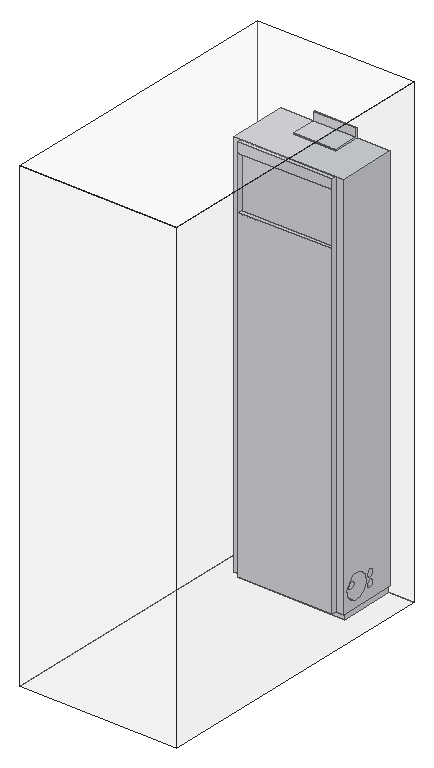
Revit family "ps-rp50_160ka19_50hz", category 機械設備, Revit 2019
Family settings
  丸型コネクタ寸法 = 直径を使用
  パーツ タイプ = 標準
  OmniClass 番号 = 23.75.10.24.21.27.27
  OmniClass タイトル = Split System Air Conditioning Units
  作業面ベース = いいえ
  常に垂直 = はい
  ロード時にボイドで切り取り = いいえ
  共有 = いいえ
  部屋計算ポイント = はい
Parameters (values of type "床置_PS-RP50KA19")
  風量_強 (㎥/min) = 14
  風量_弱 (㎥/min) = 12
  風量_中 (㎥/min) = 13
  風量 = MAX風量  # 840.0 m³/h
  音響パワーレベル_弱 (dB) = 52
  音響パワーレベル_中 (dB) = 54
  音響パワーレベル_強 (dB) = 56
  音響パワーレベル(dB) = [音響パワーレベル_強 (dB)]  # 56
  電線用ノックアウト穴Z2 = 90 mm
  電線用ノックアウト穴Z1 = 130 mm
  電線用ノックアウト穴Y = 110 mm
  電源種別 = ""
  電源_H = 0 mm
  電気品箱位置W = 22 mm
  電気品箱位置H = 641 mm
  電気品箱位置D = 170 mm
  電気品箱W = 348 mm
  電気品箱H = 151 mm
  電気品箱D = 61 mm
  電圧 = 0 V
  電動機出力_送風機 = 0.05 kW
  運転質量 = 0.00 kg
  連動 = ""
  転倒防止金具幅 = 180 mm
  質量 = if(製品質量 > 運転質量, 製品質量, 運転質量) * 1.2  # 42.00 kg
  負荷分類 = 3_ファン類
  構成品番 = "PS-RP50KA19"
  吊り位置y_3 = 175 mm
  吊り位置X_3 = 80 mm
  冷媒，ドレン配管用ノックアウト穴正面-Z = 105 mm
  冷媒，ドレン配管用ノックアウト穴正面-X2 = 20 mm
  ドレン管径 (外径) = 26 mm
  【値が 0 の項目は組合せ形名にてご確認ください】 = ""
  MIN風量 = [風量_弱 (㎥/min)] * 60.0 m³/h  # 720.0 m³/h
  MID風量 = [風量_中 (㎥/min)] * 60.0 m³/h  # 780.0 m³/h
  MAX風量 = [風量_強 (㎥/min)] * 60.0 m³/h  # 840.0 m³/h
  吸込口高さ = 585 mm
  吸込口幅 = 405 mm
  吊り位置Y_1 = 55 mm
  吊り位置Y_2 = 145 mm
  吊り位置X_2 = 280 mm
  吊り位置X_1 = 200 mm
  冷媒，ドレン配管用ノックアウト穴側面-Z = 110 mm
  冷媒，ドレン配管用ノックアウト穴側面-Y = 180 mm
  冷媒，ドレン配管用ノックアウト穴正面-X1 = 75 mm
  冷媒液管位置-Z = 550 mm
  冷媒液管位置-Y = 201 mm
  冷媒液管位置-X = 45 mm
  冷媒ガス管位置-Z = 402 mm
  冷媒ガス管位置-Y = 186 mm
  冷媒ガス管位置-X = 78 mm
  吹出口高さ = 230 mm
  吹出口幅 = 400 mm
  ドレン管径-Y = 210 mm
  ドレン管径-X = 25 mm
  ケーブルサイズ = 0 mm
  Width = 470 mm
  URL = "https://www.mitsubishielectric.co.jp/ldg/wink/ssl/top.do"
  Height = 1700 mm
  説明 = "店舗・事務所用パッケージエアコン(Mr.SLIM) 床置形"
  設計暖房能力 = 0.00 kW
  設計冷房能力_顕熱 = 0 kW
  設計冷房能力 = 0 kW
  設置方法 = "床置形"
  記号 = ""
  製造元 = "三菱電機株式会社"
  製品質量 = 35.00 kg
  製品出荷対象 = "国内"
  製品リリース年月 = ""
  製品グループ = ""
  系統 = ""
  符号 = "PAC_FRV"
  積算_科目 = "1 空気調和設備"
  積算_拾い区分 [instance] = ""
  相 = 1
  盤記号 = ""
  発停方法 = "付属スイッチ"
  特殊仕様 = ""
  火災停止 = ""
  消費電力_暖房 = 0.08 kW
  消費電力_冷房 = 0.09 kW
  消費電力 = if(消費電力_冷房 > 消費電力_暖房, 消費電力_冷房, 消費電力_暖房)  # 0.09 kW
  法定耐用年数 = "6"
  極数 = 1
  材質 = ""
  本体マテリアル = none
  有効加湿量 = 0
  暖房能力 = 5.00 kW
  推奨ブレーカー容量 = 0 A
  形式_加湿器 = ""
  形式 = "床置（露出）立形"
  幹線記号 = ""
  始動方式 = "直入"
  呼称 = "室内機_床置（露出）立形（直吹）"
  周波数 = 50 Hz
  台数_手元リモコン = ""
  台数_冷媒分岐ユニット = ""
  参照している仕様書等のバージョン = "公共建築工事標準仕様書（機械設備工事編）平成31年度版"
  加湿給水管径 = 0.00 mm
  分類コード = "5.0053E+13"
  分類グループ = ""
  冷房能力 = 4.5 kW
  冷媒高低圧ガス管径 = 0.00 mm
  冷媒管径符号 = "Ac"
  冷媒管径 = 100.00 mm
  冷媒液管径 = 6.35 mm
  冷媒ガス管径 = 12.70 mm
  企業コード = "108420"
  付属品_フィルター = ""
  付属品 = ""
  仕様書バージョン = "Version1.0"
  Model = ""
  パネルマテリアル = none
  ドレン管径 = 20.00 mm
  サービススペース = yes
  コメント [instance] = ""
  ケーブル種類 = ""
  Version = ""
  Uniclass2015Version = "Systems v1.9"
  Uniclass2015Title = "Split coil remote air cooled condensing units"
  Uniclass2015Code = "Pr_70_65_03_84"
  SpecificationReference = ""
  SpecificationDescription = ""
  Revision = ""
  ProductInformation = ""
  OmniClassCode = "23-33 17 13 11"
  IfcTypeProduct = ""
  IfcProduct = ""
  IfcExportType = "AIRCONDITIONINGUNIT"
  IfcExportAs = "IfcUnitaryEquipmentType"
  Depth = 270 mm
  価格 = 0
  Clearance Top = 300 mm
  Clearance Right = 100 mm
  Clearance Left = 100 mm
  Clearance Front = 1000 mm
  Clearance Bottom = 0 mm
  Clearance Back = 5 mm
  B = 797 mm
  Author = "三菱電機株式会社"
  A = 172.5 mm
Types (8, lengths in mm): name | 風量_強 (㎥/min) | 風量_弱 (㎥/min) | 風量_中 (㎥/min) | 風量 | 音響パワーレベル_弱 (dB) | 音響パワーレベル_中 (dB) | 音響パワーレベル_強 (dB) | 音響パワーレベル(dB) | 電線用ノックアウト穴Z1 | 電線用ノックアウト穴Y | 電気品箱位置H | 電気品箱位置D | 電気品箱W | 電気品箱H | 電気品箱D | 電動機出力_送風機 | 転倒防止金具幅 | 質量 | 構成品番 | 吊り位置y_3 | 吊り位置X_3 | 冷媒，ドレン配管用ノックアウト穴正面-Z | MIN風量 | MID風量 | MAX風量 | 吸込口高さ | 吸込口幅 | 吊り位置Y_1 | 吊り位置Y_2 | 吊り位置X_2 | 吊り位置X_1 | 冷媒，ドレン配管用ノックアウト穴側面-Z | 冷媒，ドレン配管用ノックアウト穴側面-Y | 冷媒，ドレン配管用ノックアウト穴正面-X1 | 冷媒液管位置-Z | 冷媒液管位置-Y | 冷媒液管位置-X | 冷媒ガス管位置-Z | 冷媒ガス管位置-Y | 冷媒ガス管位置-X | 吹出口高さ | 吹出口幅 | ドレン管径-Y | ドレン管径-X | Width | Height | 製品質量 | 消費電力_暖房 | 消費電力_冷房 | 消費電力 | 暖房能力 | 冷房能力 | 冷媒管径符号 | 冷媒液管径 | 冷媒ガス管径 | Depth | B | A
  床置_PS-RP50KA19 | 14 | 12 | 13 | 840.0 m³/h | 52 | 54 | 56 | 56 | 130 | 110 | 641 | 170 | 348 | 151 | 61 | 0.05 kW | 180 | 42.00 kg | "PS-RP50KA19" | 175 | 80 | 105 | 720.0 m³/h | 780.0 m³/h | 840.0 m³/h | 585 | 405 | 55 | 145 | 280 | 200 | 110 | 180 | 75 | 550 | 201 | 45 | 402 | 186 | 78 | 230 | 400 | 210 | 25 | 470 | 1700 | 35.00 kg | 0.08 kW | 0.09 kW | 0.09 kW | 5.00 kW | 4.5 kW | "Ac" | 6.35 | 12.70 | 270 | 797 | 172.5
  床置_PS-RP56KA19 | 14 | 12 | 13 | 840.0 m³/h | 52 | 54 | 56 | 56 | 130 | 110 | 641 | 170 | 348 | 151 | 66 | 0.05 kW | 180 | 42.00 kg | "PS-RP56KA19" | 175 | 80 | 105 | 720.0 m³/h | 780.0 m³/h | 840.0 m³/h | 585 | 405 | 55 | 145 | 280 | 200 | 110 | 180 | 75 | 550 | 201 | 45 | 402 | 186 | 78 | 230 | 400 | 210 | 25 | 470 | 1700 | 35.00 kg | 0.08 kW | 0.09 kW | 0.09 kW | 5.60 kW | 5 kW | "Ac" | 6.35 | 12.70 | 270 | 797 | 172.5
  床置_PS-RP63KA19 | 15 | 13 | 14 | 900.0 m³/h | 52 | 54 | 56 | 56 | 130 | 110 | 641 | 170 | 348 | 151 | 66 | 0.05 kW | 180 | 42.00 kg | "PS-RP63KA19" | 175 | 80 | 105 | 780.0 m³/h | 840.0 m³/h | 900.0 m³/h | 585 | 405 | 55 | 145 | 280 | 200 | 110 | 180 | 75 | 550 | 201 | 45 | 402 | 186 | 78 | 230 | 400 | 210 | 25 | 470 | 1700 | 35.00 kg | 0.08 kW | 0.09 kW | 0.09 kW | 6.30 kW | 5.6 kW | "Ac" | 6.35 | 12.70 | 270 | 797 | 172.5
  床置_PS-RP71KA19 | 15 | 13 | 14 | 900.0 m³/h | 52 | 55 | 57 | 57 | 130 | 110 | 641 | 170 | 348 | 151 | 66 | 0.05 kW | 180 | 42.00 kg | "PS-RP71KA19" | 175 | 80 | 105 | 780.0 m³/h | 840.0 m³/h | 900.0 m³/h | 585 | 405 | 55 | 145 | 280 | 200 | 110 | 180 | 75 | 550 | 201 | 45 | 402 | 186 | 78 | 230 | 400 | 210 | 25 | 470 | 1700 | 35.00 kg | 0.08 kW | 0.09 kW | 0.09 kW | 7.10 kW | 6.3 kW | "Bd" | 9.52 | 15.88 | 270 | 797 | 172.5
  床置_PS-RP80KA19 | 15 | 13 | 14 | 900.0 m³/h | 52 | 55 | 57 | 57 | 130 | 110 | 641 | 170 | 348 | 151 | 66 | 0.05 kW | 180 | 42.00 kg | "PS-RP80KA19" | 175 | 80 | 105 | 780.0 m³/h | 840.0 m³/h | 900.0 m³/h | 585 | 405 | 55 | 145 | 280 | 200 | 110 | 180 | 75 | 550 | 201 | 45 | 402 | 186 | 78 | 230 | 400 | 210 | 25 | 470 | 1700 | 35.00 kg | 0.08 kW | 0.09 kW | 0.09 kW | 8.00 kW | 7.1 kW | "Bd" | 9.52 | 15.88 | 270 | 797 | 172.5
  床置_PS-RP112KA19 | 30 | 24 | 27 | 1800.0 m³/h | 57 | 61 | 63 | 63 | 140 | 190 | 714 | 245 | 461 | 123 | 66 | 0.16 kW | 260 | 58.80 kg | "PS-RP112KA19" | 254 | 99 | 110 | 1440.0 m³/h | 1620.0 m³/h | 1800.0 m³/h | 599 | 524 | 77 | 201 | 277 | 218 | 115 | 260 | 105 | 590 | 261 | 48 | 480 | 261 | 95 | 260 | 520 | 289 | 27 | 600 | 1900 | 49.00 kg | 0.20 kW | 0.21 kW | 0.21 kW | 11.20 kW | 10 kW | "Bd" | 9.52 | 15.88 | 360 | 834 | 181
  床置_PS-RP140KA19 | 30 | 24 | 27 | 1800.0 m³/h | 57 | 61 | 63 | 63 | 140 | 190 | 714 | 245 | 461 | 123 | 66 | 0.16 kW | 260 | 58.80 kg | "PS-RP140KA19" | 254 | 99 | 110 | 1440.0 m³/h | 1620.0 m³/h | 1800.0 m³/h | 599 | 524 | 77 | 201 | 277 | 218 | 115 | 260 | 105 | 590 | 261 | 48 | 480 | 261 | 95 | 260 | 520 | 289 | 27 | 600 | 1900 | 49.00 kg | 0.20 kW | 0.21 kW | 0.21 kW | 14.00 kW | 12.5 kW | "Bd" | 9.52 | 15.88 | 360 | 834 | 181
  床置_PS-RP160KA19 | 30 | 24 | 27 | 1800.0 m³/h | 59 | 62 | 64 | 64 | 140 | 190 | 714 | 245 | 461 | 123 | 66 | 0.16 kW | 260 | 58.80 kg | "PS-RP160KA19" | 254 | 99 | 110 | 1440.0 m³/h | 1620.0 m³/h | 1800.0 m³/h | 599 | 524 | 77 | 201 | 277 | 218 | 115 | 260 | 105 | 590 | 261 | 48 | 480 | 261 | 95 | 260 | 520 | 289 | 27 | 600 | 1900 | 49.00 kg | 0.20 kW | 0.21 kW | 0.21 kW | 16.00 kW | 14 kW | "Bd" | 9.52 | 15.88 | 360 | 834 | 181
Reference planes
  plane 1 "中心(正面/背面)": y = 0
  plane 2: z = 0
  plane 3 "中心(左/右)": x = 0
  plane 4: x = -235
  plane 5: x = 235
  plane 6: z = 1700
  plane 7: z = 30
  plane 8: x = 157
  plane 9: x = 190
  plane 10: x = 210
  plane 11: x = -90
  plane 12: x = 90
  plane 13: z = 550
  plane 14: z = 402
  plane 15: z = 1430
  plane 16: z = 757.5
  plane 17: z = 172.5
  plane 18: x = -202.5
  plane 19: x = 202.5
  plane 20: z = 827
  plane 21: z = 1660
  plane 22: x = -335
  plane 23: x = 335
  plane 24: z = 2000
  plane 25: z = 110
  plane 26 "本体背面": y = 0
  plane 27: y = -250
  plane 28 "Front": y = -270
  plane 29: y = -186
  plane 30: y = -201
  plane 31: y = -210
  plane 32: y = 5
  plane 33: y = -1270
  plane 34: y = -180
  plane 35: y = -110
  plane 36: x = -122.5
  plane 37: x = 122.5
  plane 38: y = -55
  plane 39: y = -200
  plane 40: x = -140
  plane 41: x = 140
  plane 42: x = -100
  plane 43: x = 100
  plane 44: z = 105
  plane 45: x = 160
  plane 46: x = -20
  plane 47: z = 90
  plane 48: z = 130
  plane 49: z = 125
  plane 50: x = -225
  plane 51: y = -175
  plane 52: x = 155
  plane 53: z = 641
  plane 54: z = 792
  plane 55: x = -213
  plane 56: x = 135
  plane 57: y = -170
  plane 58: y = -231
Forms (mm)
  Extrusion 1, solid
    sketch origin (0, -125, 0) x (1, 0, 0) y (0, 1, 0)
      loop
        line (-235, 125) -> (-235, -125) -> (235, -125) -> (235, 125) -> (-235, 125)
    from 30 to 1700
  Extrusion 2, solid, detail levels fine
    sketch origin (0, -125, 0) x (1, 0, 0) y (0, 1, 0)
      loop
        line (-202.5, -145) -> (202.5, -145) -> (202.5, -125) -> (-202.5, -125) -> (-202.5, -145)
    from 30 to 1700
  Extrusion 3, solid, detail levels fine
    sketch origin (0, -125, 0) x (1, 0, 0) y (0, 1, 0)
      loop
        line (-225, -105) -> (225, -105) -> (225, 125) -> (-225, 125) -> (-225, -105)
    from 0 to 30
  Extrusion 4, solid, detail levels fine
    sketch origin (0, -125, 0) x (0, 1, 0) y (0, 0, 1)
      loop
        line (125, 1740) -> (120, 1740) -> (120, 1704.676) -> (14, 1704.676) -> (14, 1700) -> (125, 1700) -> (125, 1740)
    from -90 to 90
  Extrusion 5, solid, detail levels fine
    sketch origin (0, -125, 0) x (1, 0, 0) y (0, 1, 0)
      loop
        circle (157, -61) r 6.35
    from 402 to 827
  Extrusion 6, solid, detail levels fine
    sketch origin (35, -140, 0) x (1, 0, 0) y (0, 1, 0)
      loop
        circle (155, -61) r 3.175
    from 550 to 827
  Extrusion 7, solid, detail levels fine
    sketch origin (0, -125, 0) x (1, 0, 0) y (0, 1, 0)
      loop
        circle (210, -85) r 13
    from 125 to 827
  Extrusion 8, void
    sketch origin (0, -125, 0) x (1, 0, 0) y (0, 0, 1)
      loop
        line (-200, 1660) -> (-200, 1430) -> (200, 1430) -> (200, 1660) -> (-200, 1660)
    from 125 to 145
  Extrusion 9, solid, detail levels fine
    sketch origin (0, -125, 0) x (0, 1, 0) y (0, 0, 1)
      loop
        circle (-55, 110) r 50
    from 225 to 235
  Extrusion 10, solid
    sketch origin (1480.036, -270, 1200) x (1, 0, 0) y (0, 0, -1)
      loop
        circle (-1500.036, 1095) r 50
    from 265 to 270
  Extrusion 11, solid
    sketch origin (1630.036, -270, 1200) x (1, 0, 0) y (0, 0, -1)
      loop
        circle (-1470.036, 1095) r 50
    from 265 to 270
  Extrusion 12, solid, detail levels fine
    sketch origin (0, 0, 0) x (0, 1, 0) y (0, 0, 1)
      loop
        circle (-110, 90) r 13.5
      loop
        circle (-110, 130) r 13.5
    from 225 to 235
  Extrusion 13, solid
    sketch origin (0, 0, 0) x (1, 0, 0) y (0, 1, 0)
      loop
        circle (185, -175) r 13
    from 0 to 1.766
  Extrusion 14, solid
    sketch origin (0, 0, 0) x (0, 1, 0) y (0, 0, 1)
      loop
        circle (-210, 125) r 13
    from 235 to 225
  Extrusion 15, solid
    sketch origin (0, 0, 0) x (0, 1, 0) y (0, 0, 1)
      loop
        circle (-180, 110) r 50
    from -225 to -235
  Extrusion 16, solid
    sketch origin (0, 0, 0) x (0, 1, 0) y (0, 0, 1)
      loop
        circle (-210, 125) r 13
    from -235 to -225
  Extrusion 17, solid
    sketch origin (0, 0, 0) x (1, 0, 0) y (0, 1, 0)
      loop
        circle (155, -175) r 50
    from 0 to 30
  Extrusion 18, solid
    sketch origin (1480.036, -270, 1200) x (1, 0, 0) y (0, 0, -1)
      loop
        circle (-1470.036, 1090) r 13
    from 270 to 265
  Extrusion 19, solid
    sketch origin (1480.036, -270, 1200) x (1, 0, 0) y (0, 0, -1)
      loop
        circle (-1290.036, 1090) r 13
    from 265 to 270
  Extrusion 20, solid, detail levels fine
    sketch origin (0, 0, 0) x (1, 0, 0) y (0, 0, 1)
      loop
        line (-213, 641) -> (135, 641) -> (135, 792) -> (-213, 792) -> (-213, 641)
    from 170 to 231
Cuts and joins
  Extrusion 8 cuts Extrusion 1
  Extrusion 8 cuts Extrusion 2
Lines and regions (mm)
  model lines, detail levels fine
    curve 1: line (-235, -250, 827) -> (-202.5, -250, 827)
    curve 2: line (235, -250, 827) -> (202.5, -250, 827)
    curve 3: line (-202.5, -270, 172.5) -> (202.5, -270, 172.5)
    curve 4: line (-202.5, -270, 757.5) -> (-202.5, -270, 172.5)
    curve 5: line (202.5, -270, 757.5) -> (202.5, -270, 172.5)
    curve 6: line (-202.5, -270, 757.5) -> (202.5, -270, 757.5)
    curve 7: line (-202.5, -270, 189.706) -> (202.5, -270, 189.706)
    curve 8: line (-202.5, -270, 206.912) -> (202.5, -270, 206.912)
    curve 9: line (-202.5, -270, 224.118) -> (202.5, -270, 224.118)
    curve 10: line (-202.5, -270, 241.324) -> (202.5, -270, 241.324)
    curve 11: line (-202.5, -270, 258.529) -> (202.5, -270, 258.529)
    curve 12: line (-202.5, -270, 275.735) -> (202.5, -270, 275.735)
    curve 13: line (-202.5, -270, 292.941) -> (202.5, -270, 292.941)
    curve 14: line (-202.5, -270, 310.147) -> (202.5, -270, 310.147)
    curve 15: line (-202.5, -270, 327.353) -> (202.5, -270, 327.353)
    curve 16: line (-202.5, -270, 344.559) -> (202.5, -270, 344.559)
    curve 17: line (-202.5, -270, 361.765) -> (202.5, -270, 361.765)
    curve 18: line (-202.5, -270, 378.971) -> (202.5, -270, 378.971)
    curve 19: line (-202.5, -270, 396.176) -> (202.5, -270, 396.176)
    curve 20: line (-202.5, -270, 413.382) -> (202.5, -270, 413.382)
    curve 21: line (-202.5, -270, 430.588) -> (202.5, -270, 430.588)
    curve 22: line (-202.5, -270, 447.794) -> (202.5, -270, 447.794)
    curve 23: line (-202.5, -270, 465) -> (202.5, -270, 465)
    curve 24: line (-202.5, -270, 482.206) -> (202.5, -270, 482.206)
    curve 25: line (-202.5, -270, 499.412) -> (202.5, -270, 499.412)
    curve 26: line (-202.5, -270, 516.618) -> (202.5, -270, 516.618)
    curve 27: line (-202.5, -270, 533.824) -> (202.5, -270, 533.824)
    curve 28: line (-202.5, -270, 551.029) -> (202.5, -270, 551.029)
    curve 29: line (-202.5, -270, 568.235) -> (202.5, -270, 568.235)
    curve 30: line (-202.5, -270, 585.441) -> (202.5, -270, 585.441)
    curve 31: line (-202.5, -270, 602.647) -> (202.5, -270, 602.647)
    curve 32: line (-202.5, -270, 619.853) -> (202.5, -270, 619.853)
    curve 33: line (-202.5, -270, 637.059) -> (202.5, -270, 637.059)
    curve 34: line (-202.5, -270, 654.265) -> (202.5, -270, 654.265)
    curve 35: line (-202.5, -270, 671.471) -> (202.5, -270, 671.471)
    curve 36: line (-202.5, -270, 688.676) -> (202.5, -270, 688.676)
    curve 37: line (-202.5, -270, 705.882) -> (202.5, -270, 705.882)
    curve 38: line (-202.5, -270, 723.088) -> (202.5, -270, 723.088)
    curve 39: line (-202.5, -270, 740.294) -> (202.5, -270, 740.294)
    curve 40: line (200, -270, 1660) -> (200, -270, 1430)
    curve 41: line (-200, -270, 1430) -> (200, -270, 1430)
    curve 42: line (-60, -270, 1326) -> (60, -270, 1326)
    curve 43: line (-60, -270, 1206) -> (-60, -270, 1326)
    curve 44: line (60, -270, 1206) -> (-60, -270, 1206)
    curve 45: line (60, -270, 1326) -> (60, -270, 1206)
    curve 46: line (-200, -270, 1430) -> (200, -270, 1430)
    curve 47: line (-200, -270, 1660) -> (-200, -270, 1430)
    curve 48: line (-200, -270, 1660) -> (200, -270, 1660)
    curve 49: line (-200, -270, 1462.857) -> (200, -270, 1462.857)
    curve 50: line (-200, -270, 1495.714) -> (200, -270, 1495.714)
    curve 51: line (-200, -270, 1528.571) -> (200, -270, 1528.571)
    curve 52: line (-200, -270, 1561.429) -> (200, -270, 1561.429)
    curve 53: line (-200, -270, 1594.286) -> (200, -270, 1594.286)
    curve 54: line (-200, -270, 1627.143) -> (200, -270, 1627.143)
    curve 55: line (200, -270, 1660) -> (200, -270, 1430)
    curve 56: line (-142.857, -270, 1660) -> (-142.857, -270, 1430)
    curve 57: line (-85.714, -270, 1660) -> (-85.714, -270, 1430)
    curve 58: line (-28.571, -270, 1660) -> (-28.571, -270, 1430)
    curve 59: line (28.571, -270, 1660) -> (28.571, -270, 1430)
    curve 60: line (85.714, -270, 1660) -> (85.714, -270, 1430)
    curve 61: line (142.857, -270, 1660) -> (142.857, -270, 1430)
    curve 62: line (-202.5, -270, 827) -> (-94.055, -270, 827)
    curve 63: line (202.5, -270, 827) -> (94.055, -270, 827)
    curve 64: arc (-94.055, -270, 827) -> (-84.472, -270, 826.073) -> (-75.244, -270, 823.326) r 50
    curve 65: arc (75.244, -270, 823.326) -> (84.472, -270, 826.073) -> (94.055, -270, 827) r 50
    curve 66: arc (-75.244, -270, 823.326) -> (0, -270, 808.632) -> (75.244, -270, 823.326) r 200
Dimensions and locks
  equal spacing: plane 4, plane 3 "中心(左/右)", plane 5
  "Width": plane 4 to plane 5
  "Height": plane 6 to plane 2
  plane 7 to level = 30 mm
  equal spacing: plane 11, plane 3 "中心(左/右)", plane 12
  "転倒防止金具幅": plane 11 to plane 12
  "冷媒液管位置-Z": plane 13 to plane 2
  "冷媒ガス管位置-Z": plane 14 to plane 2
  "A": plane 17 to plane 2
  "吸込口高さ": plane 16 to plane 17
  "B": plane 20 to plane 7
  locked: plane 6 to plane 21 at 40
  "吹出口高さ": plane 21 to plane 15
  equal spacing: plane 19, plane 3 "中心(左/右)", plane 18
  "吸込口幅": plane 19 to plane 18
  plane 12 to plane 11 = 180 mm
  plane 5 to plane 4 = 470 mm
  "Clearance Left": plane 22 to plane 4
  "Clearance Top": plane 24 to plane 6
  "冷媒，ドレン配管用ノックアウト穴側面-Z": plane 25 to plane 2
  plane 27 to plane 28 "Front" = 20 mm
  locked: Extrusion 3 sketch curve to plane 5 at 10
  locked: Extrusion 3 sketch curve to plane 27 at 20
  "冷媒ガス管位置-Y": plane 29 to plane 26 "本体背面"
  "冷媒液管位置-Y": plane 30 to plane 26 "本体背面"
  "ドレン管径-Y": plane 31 to plane 26 "本体背面"
  locked: Extrusion 4 sketch curve to Extrusion 4 sketch curve at 5
  locked: Extrusion 4 sketch curve to Extrusion 4 sketch curve at 111
  "冷媒ガス管位置-X": plane 8 to plane 5
  "冷媒液管位置-X": plane 9 to plane 5
  "ドレン管径-X": plane 10 to plane 5
  equal spacing: Extrusion 8 sketch curve, plane 3 "中心(左/右)", Extrusion 8 sketch curve
  "吹出口幅": Extrusion 8 sketch curve to Extrusion 8 sketch curve
  "Clearance Front": plane 28 "Front" to plane 33
  "Clearance Back": plane 26 "本体背面" to plane 32
  "Clearance Right": plane 5 to plane 23
  locked: Extrusion 9 to plane 5 at 10
  equal spacing: curve 6, curve 39, curve 38, curve 37, curve 36, curve 35, curve 34, curve 33, curve 32, curve 31, curve 30, curve 29, curve 28, curve 27, curve 26, curve 25, curve 24, curve 23, curve 22, curve 21, curve 20, curve 19, curve 18, curve 17, curve 16, curve 15, curve 14, curve 13, curve 12, curve 11, curve 10, curve 9, curve 8, curve 7, curve 3
  cut or joined group of Extrusion 2, Extrusion 8 to cut or joined group of Extrusion 2, Extrusion 8 = 400 mm
  locked: curve 42 to curve 44 at 120
  locked: curve 45 to curve 43 at 120
  equal spacing: cut or joined group of Extrusion 2, Extrusion 8, curve 54, curve 53, curve 52, curve 51, curve 50, curve 49, cut or joined group of Extrusion 2, Extrusion 8
  "Clearance Bottom": plane 2 to nested 1
  locked: plane 15 to curve 42 at 104
  "電線用ノックアウト穴Y": plane 26 "本体背面" to plane 35
  "冷媒，ドレン配管用ノックアウト穴側面-Y": plane 26 "本体背面" to plane 34
  equal spacing: curve 45, plane 3 "中心(左/右)", curve 43
  equal spacing: cut or joined group of Extrusion 2, Extrusion 8, curve 56, curve 57, curve 58, curve 59, curve 60, curve 61, cut or joined group of Extrusion 2, Extrusion 8
  "吊り位置Y_1": plane 38 to plane 26 "本体背面"
  "吊り位置Y_2": plane 38 to plane 39
  equal spacing: plane 40, plane 3 "中心(左/右)", plane 41
  "吊り位置X_2": plane 40 to plane 41
  equal spacing: plane 42, plane 3 "中心(左/右)", plane 43
  "吊り位置X_1": plane 42 to plane 43
  "冷媒，ドレン配管用ノックアウト穴正面-X1": plane 45 to plane 5
  "冷媒，ドレン配管用ノックアウト穴正面-X2": plane 3 "中心(左/右)" to plane 46
  "電線用ノックアウト穴Z2": plane 47 to level
  "電線用ノックアウト穴Z1": plane 48 to plane 2
  locked: Extrusion 11 to cut or joined group of Extrusion 1, Extrusion 8 at 5
  locked: Extrusion 10 to cut or joined group of Extrusion 1, Extrusion 8 at 5
  "冷媒，ドレン配管用ノックアウト穴正面-Z": plane 2 to plane 44
  plane 8 to plane 9 = 33 mm
  "Depth": plane 26 "本体背面" to plane 28 "Front"
  plane 49 to level = 125 mm
  plane 50 to plane 4 = 10 mm
  "吊り位置y_3": plane 26 "本体背面" to plane 51
  "吊り位置X_3": plane 52 to plane 5
  Extrusion 18 sketch curve to plane 46 = 30 mm
  plane 45 to Extrusion 19 sketch curve = 30 mm
  plane 52 to Extrusion 13 sketch curve = 30 mm
  "電気品箱位置H": plane 53 to plane 2
  "電気品箱H": plane 54 to plane 53
  "電気品箱位置W": plane 55 to plane 4
  "電気品箱W": plane 56 to plane 55
  "電気品箱位置D": plane 57 to plane 26 "本体背面"
  "電気品箱D": plane 58 to plane 57
  "冷媒ガス管径": diameter of Extrusion 5 sketch curve
  "冷媒液管径": diameter of Extrusion 6 sketch curve
  "ドレン管径 (外径)": diameter of Extrusion 7 sketch curve
  "冷媒管径": diameter of Extrusion 9 sketch curve
  "冷媒管径": diameter of Extrusion 10 sketch curve
  "冷媒管径": diameter of Extrusion 11 sketch curve
  radius of curve 66 = 200 mm
  "ドレン管径 (外径)": diameter of Extrusion 13 sketch curve
  "ドレン管径 (外径)": diameter of Extrusion 14 sketch curve
  "冷媒管径": diameter of Extrusion 17 sketch curve
  "ドレン管径 (外径)": diameter of Extrusion 18 sketch curve
  "ドレン管径 (外径)": diameter of Extrusion 19 sketch curve
  aligned and locked: level to plane 2
  aligned and locked: plane 26 "本体背面" to Extrusion 1 sketch curve
  aligned and locked: plane 27 to Extrusion 1 sketch curve
  aligned and locked: plane 5 to Extrusion 1 sketch curve
  aligned and locked: plane 27 to Extrusion 2 sketch curve
  aligned and locked: Extrusion 2 sketch curve to plane 28 "Front"
  aligned and locked: Extrusion 3 sketch curve to plane 26 "本体背面"
  aligned and locked: plane 8 to Extrusion 5 sketch curve
  aligned and locked: plane 29 to Extrusion 5 sketch curve
  aligned and locked: plane 9 to Extrusion 6 sketch curve
  aligned and locked: plane 30 to Extrusion 6 sketch curve
  aligned and locked: plane 10 to Extrusion 7 sketch curve
  aligned and locked: plane 31 to Extrusion 7 sketch curve
  aligned and locked: Extrusion 7 to Extrusion 5
  aligned and locked: Extrusion 6 to Extrusion 5
  aligned and locked: Extrusion 8 to plane 28 "Front"
  aligned and locked: plane 27 to Extrusion 8
  aligned and locked: plane 32 to nested 1
  aligned and locked: nested 1 to plane 33
  aligned and locked: plane 34 to Extrusion 9 sketch curve
  aligned and locked: Extrusion 9 to plane 5
  aligned and locked: Extrusion 9 to Extrusion 3
  aligned and locked: nested 1 to plane 23
  aligned and locked: plane 23 to nested 1
  aligned and locked: plane 1 "中心(正面/背面)" to plane 26 "本体背面"
  aligned and locked: plane 24 to nested 1
  aligned and locked: plane 6 to cut or joined group of Extrusion 2, Extrusion 8
  aligned and locked: plane 6 to cut or joined group of Extrusion 1, Extrusion 8
  aligned and locked: Extrusion 4 to plane 6
  aligned and locked: plane 21 to cut or joined group of Extrusion 2, Extrusion 8
  aligned and locked: cut or joined group of Extrusion 2, Extrusion 8 to plane 15
  aligned and locked: cut or joined group of Extrusion 2, Extrusion 8 to plane 18
  aligned and locked: plane 19 to curve 5
  aligned and locked: plane 19 to curve 2
  aligned and locked: plane 18 to curve 1
  aligned and locked: Extrusion 5 to plane 14
  aligned and locked: Extrusion 6 to plane 13
  aligned and locked: curve 4 to plane 18
  aligned and locked: cut or joined group of Extrusion 2, Extrusion 8 to plane 19
  aligned and locked: plane 18 to cut or joined group of Extrusion 2, Extrusion 8
  aligned and locked: curve 55 to cut or joined group of Extrusion 2, Extrusion 8
  aligned and locked: curve 47 to cut or joined group of Extrusion 2, Extrusion 8
  aligned and locked: curve 48 to plane 21
  aligned and locked: curve 46 to plane 15
  aligned and locked: plane 18 to curve 62
  aligned and locked: curve 62 to plane 20
  aligned and locked: plane 19 to curve 63
  aligned and locked: plane 20 to curve 63
  aligned and locked: plane 20 to curve 65
  aligned and locked: plane 22 to nested 1
  aligned and locked: Extrusion 1 to plane 4
  aligned and locked: cut or joined group of Extrusion 1, Extrusion 8 to plane 5
  aligned and locked: nested 1 to plane 24
  aligned and locked: cut or joined group of Extrusion 1, Extrusion 8 to plane 6
  aligned and locked: nested 2 to plane 38
  aligned and locked: nested 2 to plane 39  (x2)
  aligned and locked: plane 3 "中心(左/右)" to nested 2
  aligned and locked: nested 2 to plane 40
  aligned and locked: plane 41 to nested 2
  aligned and locked: plane 38 to nested 2
  aligned and locked: nested 2 to plane 41
  aligned and locked: plane 40 to nested 2
  aligned and locked: plane 46 to Extrusion 10 sketch curve
  aligned and locked: plane 44 to Extrusion 10 sketch curve
  aligned and locked: plane 45 to Extrusion 11 sketch curve
  aligned and locked: plane 44 to Extrusion 11 sketch curve
  aligned and locked: Extrusion 11 to plane 1 "中心(正面/背面)"
  aligned and locked: Extrusion 10 to plane 1 "中心(正面/背面)"
  aligned and locked: Extrusion 4 to Extrusion 10
  aligned and locked: level to nested 1  (x2)
  aligned and locked: plane 48 to Extrusion 12 sketch curve
  aligned and locked: plane 47 to Extrusion 12 sketch curve
  aligned and locked: Extrusion 12 to plane 5
  aligned and locked: Extrusion 12 to Extrusion 3
  aligned and locked: Extrusion 7 to plane 49
  aligned and locked: plane 31 to Extrusion 14 sketch curve
  aligned and locked: plane 49 to Extrusion 14 sketch curve
  aligned and locked: Extrusion 14 to plane 5
  aligned and locked: Extrusion 9 to Extrusion 14
  aligned and locked: Extrusion 15 sketch curve to Extrusion 9
  aligned and locked: Extrusion 15 to plane 4
  aligned and locked: Extrusion 3 to Extrusion 15
  aligned and locked: Extrusion 16 sketch curve to Extrusion 14
  aligned and locked: Extrusion 16 to plane 4
  aligned and locked: Extrusion 3 to Extrusion 16
  aligned and locked: plane 52 to Extrusion 17 sketch curve
  aligned and locked: plane 51 to Extrusion 17 sketch curve
  aligned and locked: plane 25 to Extrusion 18 sketch curve
  aligned and locked: plane 25 to Extrusion 19 sketch curve
  aligned and locked: Extrusion 18 to plane 1 "中心(正面/背面)"
  aligned and locked: Extrusion 10 to Extrusion 18
  aligned and locked: Extrusion 19 to plane 1 "中心(正面/背面)"
  aligned and locked: Extrusion 10 to Extrusion 19
  aligned and locked: plane 51 to Extrusion 13 sketch curve
  aligned and locked: plane 56 to Extrusion 20
  aligned and locked: Extrusion 20 to plane 55
  aligned and locked: plane 54 to Extrusion 20
  aligned and locked: Extrusion 20 to plane 53
  aligned and locked: Extrusion 20 to plane 57
  aligned and locked: plane 58 to Extrusion 20
Automatic sketch dimensions
  Extrusion 1 sketch curve to plane 4 = 0 mm
  Extrusion 2 sketch curve to plane 18 = 0 mm
  Extrusion 2 sketch curve to plane 19 = 0 mm
  plane 4 to Extrusion 3 sketch curve = 10 mm
  Extrusion 4 sketch curve to plane 6 = 0 mm
  plane 1 "中心(正面/背面)" to Extrusion 4 sketch curve = 0 mm
  plane 6 to Extrusion 4 sketch curve = 4.676 mm
  Extrusion 4 sketch curve to Extrusion 4 sketch curve = 35.324 mm
  curve 1 to plane 4 = 0 mm
  plane 5 to curve 2 = 0 mm
  curve 1 to plane 20 = 0 mm
  curve 2 to plane 20 = 0 mm
  curve 3 to plane 17 = 0 mm
  curve 3 to plane 18 = 0 mm
  curve 66 to plane 3 "中心(左/右)" = 0 mm
  curve 6 to plane 16 = 0 mm
  plane 11 to curve 62 = 4.055 mm
  plane 12 to curve 63 = 4.055 mm
  curve 65 to plane 16 = 19.5 mm
  curve 64 to plane 16 = 19.5 mm
  curve 66 to curve 64 = 0 mm
  Extrusion 12 sketch curve to plane 35 = 0 mm  (x2)
  Extrusion 20 sketch curve to plane 54 = 0 mm
  Extrusion 20 sketch curve to plane 55 = 0 mm
  Extrusion 20 sketch curve to plane 56 = 0 mm
  Extrusion 20 sketch curve to plane 53 = 0 mm
  Extrusion 8 sketch curve to plane 15 = 0 mm
  Extrusion 8 sketch curve to plane 21 = 0 mm
  Extrusion 9 sketch curve to plane 25 = 0 mm
  radius of Extrusion 12 sketch curve = 13.5 mm  (x2)
Nested families
  nested 1: "サービススペース" at (0, -632.5, 1000), visible <- "サービススペース", type "サービススペース"
    with Width 670 mm, Height 2000 mm, Depth 1275 mm
  nested 2: "固定点" at (0, -200, 0), W2 <- "吊り位置X_2", D <- "吊り位置Y_2", W1 <- "吊り位置X_1", type "固定点"
    with W2 280 mm, W1 200 mm, D 145 mm
Connectors
  piping at (235, -180, 110), diameter 100, driven by "冷媒管径", driven by "冷媒管径符号"
    settings: on Extrusion 9, index 6, connector inside diameter 609.60 mm, connector length 0 mm, flow factor 0, pipe flow 0.0 L/s, pressure drop 0.0 Pa, fitting loss kfactor 0, connector angle 0.00°, fixture units 0, engagement length 0 mm, angle of deflection 0.00°, flow configuration 1, flow direction 1, fitting loss method 4, system type 7, joint type 0, gender type 0, connector reference index -1, connector utility 0, adjustable connector no, is connector primary yes, connector description "Ac"
  piping at (160, 0, 105), diameter 100, driven by "冷媒管径", driven by "冷媒管径符号"
    settings: on Extrusion 11, index 8, connector inside diameter 609.60 mm, connector length 0 mm, flow factor 0, pipe flow 0.0 L/s, pressure drop 0.0 Pa, fitting loss kfactor 0, connector angle 0.00°, fixture units 0, engagement length 0 mm, angle of deflection 0.00°, flow configuration 1, flow direction 1, fitting loss method 4, system type 7, joint type 0, gender type 0, connector reference index -1, connector utility 0, adjustable connector no, is connector primary no, connector description "Ac"
  piping at (-20, 0, 105), diameter 100, driven by "冷媒管径", driven by "冷媒管径符号"
    settings: on Extrusion 10, index 9, connector inside diameter 609.60 mm, connector length 0 mm, flow factor 0, pipe flow 0.0 L/s, pressure drop 0.0 Pa, fitting loss kfactor 0, connector angle 0.00°, fixture units 0, engagement length 0 mm, angle of deflection 0.00°, flow configuration 1, flow direction 1, fitting loss method 4, system type 7, joint type 0, gender type 0, connector reference index -1, connector utility 0, adjustable connector no, is connector primary no, connector description "Ac"
  piping at (185, -175, 0), diameter 20, driven by "ドレン管径"
    settings: on Extrusion 13, index 11, connector inside diameter 609.60 mm, connector length 0 mm, flow factor 0, pipe flow 0.0 L/s, pressure drop 0.0 Pa, fitting loss kfactor 0, connector angle 0.00°, fixture units 0, engagement length 0 mm, angle of deflection 0.00°, flow configuration 1, flow direction 2, fitting loss method 4, system type 16, joint type 0, gender type 0, connector reference index -1, connector utility 0, adjustable connector no, is connector primary no, connector description ""
  piping at (235, -210, 125), diameter 20, driven by "ドレン管径"
    settings: on Extrusion 14, index 12, connector inside diameter 609.60 mm, connector length 0 mm, flow factor 0, pipe flow 0.0 L/s, pressure drop 0.0 Pa, fitting loss kfactor 0, connector angle 0.00°, fixture units 0, engagement length 0 mm, angle of deflection 0.00°, flow configuration 1, flow direction 2, fitting loss method 4, system type 16, joint type 0, gender type 0, connector reference index -1, connector utility 0, adjustable connector no, is connector primary no, connector description ""
  piping at (-235, -180, 110), diameter 100, driven by "冷媒管径", driven by "冷媒管径符号"
    settings: on Extrusion 15, index 13, connector inside diameter 609.60 mm, connector length 0 mm, flow factor 0, pipe flow 0.0 L/s, pressure drop 0.0 Pa, fitting loss kfactor 0, connector angle 0.00°, fixture units 0, engagement length 0 mm, angle of deflection 0.00°, flow configuration 1, flow direction 1, fitting loss method 4, system type 7, joint type 0, gender type 0, connector reference index -1, connector utility 0, adjustable connector no, is connector primary no, connector description "Ac"
  piping at (-235, -210, 125), diameter 20, driven by "ドレン管径"
    settings: on Extrusion 16, index 14, connector inside diameter 609.60 mm, connector length 0 mm, flow factor 0, pipe flow 0.0 L/s, pressure drop 0.0 Pa, fitting loss kfactor 0, connector angle 0.00°, fixture units 0, engagement length 0 mm, angle of deflection 0.00°, flow configuration 2, flow direction 2, fitting loss method 4, system type 16, joint type 0, gender type 0, connector reference index -1, connector utility 0, adjustable connector no, is connector primary no, connector description ""
  piping at (155, -175, 0), diameter 100, driven by "冷媒管径", driven by "冷媒管径符号"
    settings: on Extrusion 17, index 15, connector inside diameter 609.60 mm, connector length 0 mm, flow factor 0, pipe flow 0.0 L/s, pressure drop 0.0 Pa, fitting loss kfactor 0, connector angle 0.00°, fixture units 0, engagement length 0 mm, angle of deflection 0.00°, flow configuration 1, flow direction 1, fitting loss method 4, system type 7, joint type 0, gender type 0, connector reference index -1, connector utility 0, adjustable connector no, is connector primary no, connector description "Ac"
  piping at (190, 0, 110), diameter 20, driven by "ドレン管径"
    settings: on Extrusion 19, index 16, connector inside diameter 609.60 mm, connector length 0 mm, flow factor 0, pipe flow 0.0 L/s, pressure drop 0.0 Pa, fitting loss kfactor 0, connector angle 0.00°, fixture units 0, engagement length 0 mm, angle of deflection 0.00°, flow configuration 1, flow direction 2, fitting loss method 4, system type 16, joint type 0, gender type 0, connector reference index -1, connector utility 0, adjustable connector no, is connector primary no, connector description ""
  piping at (10, 0, 110), diameter 20, driven by "ドレン管径"
    settings: on Extrusion 18, index 17, connector inside diameter 609.60 mm, connector length 0 mm, flow factor 0, pipe flow 0.0 L/s, pressure drop 0.0 Pa, fitting loss kfactor 0, connector angle 0.00°, fixture units 0, engagement length 0 mm, angle of deflection 0.00°, flow configuration 1, flow direction 2, fitting loss method 4, system type 16, joint type 0, gender type 0, connector reference index -1, connector utility 0, adjustable connector no, is connector primary no, connector description ""
  electrical at (-39, -231, 716.5), driven by "極数", driven by "負荷分類", driven by "電圧", driven by "消費電力"
    settings: on Extrusion 20, index 18, voltage 0 V, apparent load 90 VA, apparent load phase1 0 VA, apparent load phase2 0 VA, apparent load phase3 0 VA, power factor 1, load classification "3_ファン類", number of poles 1, system type 30, power factor state 1, is connector primary yes, connector utility no, sub classification motor no, connector description ""
Definition of nested family "サービススペース"
  Parameters (values of type "サービススペース")
    Width [instance] = 500 mm
    Height [instance] = 500 mm
    Depth [instance] = 500 mm
  Reference planes
    plane 1 "中心(正面/背面)": y = 0
    plane 2: z = 0
    plane 3 "中心(左/右)": x = 0
    plane 4: y = -250
    plane 5: x = 250
    plane 6: y = 250
    plane 7: x = -250
    plane 8: z = 250
    plane 9: z = -250
  Forms (mm)
    Extrusion 1, solid
      sketch origin (-638.939, 0, 72.39) x (1, 0, 0) y (0, 1, 0)
        loop
          line (388.939, 250) -> (388.939, -250) -> (888.939, -250) -> (888.939, 250) -> (388.939, 250)
      from -322.39 to 177.61
  Lines and regions (mm)
    symbolic lines
      curve 1: line (-250, 0, 250) -> (250, 0, 250)
      curve 2: line (-250, 0, -250) -> (-250, 0, 250)
      curve 3: line (250, 0, -250) -> (-250, 0, -250)
      curve 4: line (250, 0, 250) -> (250, 0, -250)
      curve 5: line (0, -250, 250) -> (0, 250, 250)
      curve 6: line (0, -250, -250) -> (0, -250, 250)
      curve 7: line (0, 250, -250) -> (0, -250, -250)
      curve 8: line (0, 250, 250) -> (0, 250, -250)
      curve 9: line (-250, 250, 0) -> (250, 250, 0)
      curve 10: line (-250, -250, 0) -> (-250, 250, 0)
      curve 11: line (250, -250, 0) -> (-250, -250, 0)
      curve 12: line (250, 250, 0) -> (250, -250, 0)
  Dimensions and locks
    equal spacing: plane 7, plane 3 "中心(左/右)", plane 5
    equal spacing: plane 4, plane 1 "中心(正面/背面)", plane 6
    "Depth": plane 4 to plane 6
    "Width": plane 7 to plane 5
    equal spacing: plane 8, plane 2, plane 9
    "Height": plane 8 to plane 9
    aligned and locked: plane 9 to curve 3
    aligned and locked: plane 7 to curve 2
    aligned and locked: curve 4 to plane 5
    aligned and locked: plane 5 to Extrusion 1
    aligned and locked: Extrusion 1 to plane 7
    aligned and locked: Extrusion 1 to plane 9
    aligned and locked: plane 8 to Extrusion 1
    aligned and locked: plane 9 to curve 7
  Automatic sketch dimensions
    plane 4 to Extrusion 1 sketch curve = 0 mm
    Extrusion 1 sketch curve to plane 7 = 0 mm
    Extrusion 1 sketch curve to plane 5 = 0 mm
    plane 6 to Extrusion 1 sketch curve = 0 mm
    curve 2 to plane 8 = 0 mm
    plane 4 to curve 11 = 0 mm
    curve 11 to plane 7 = 0 mm
    curve 11 to plane 5 = 0 mm
    plane 6 to curve 10 = 0 mm
    curve 7 to plane 4 = 0 mm
    curve 7 to plane 6 = 0 mm
    curve 6 to plane 8 = 0 mm
Definition of nested family "固定点"
  Parameters (values of type "固定点")
    中心円 = 20 mm
    W2 [instance] = 277 mm
    W1 [instance] = 200 mm
    D [instance] = 210 mm
  Reference planes
    plane 1 "中心(正面/背面)": y = 0
    plane 2: z = 0
    plane 3 "中心(左/右)": x = 0
    plane 4: x = 138.5
    plane 5: y = 210
    plane 6: x = -100
    plane 7: x = -138.5
    plane 8: x = 100
    plane 9: x = 338.5
    plane 10: x = -338.5
    plane 11: y = -200
    plane 12: y = 420
  Lines and regions (mm)
    symbolic lines, detail levels fine
      curve 1: line (-338.5, 210, 0) -> (338.5, 210, 0)
      curve 2: line (-338.5, 0, 0) -> (338.5, 0, 0)
      curve 3: line (138.5, 420, 0) -> (138.5, -200, 0)
      curve 4: line (-100, 420, 0) -> (-100, -200, 0)
      curve 5: line (100, 420, 0) -> (100, -200, 0)
      curve 6: line (-138.5, 420, 0) -> (-138.5, -200, 0)
    model lines, detail levels fine
      curve 7: circle (-100, 0, 0) r 10 normal (0, 0, 1)
      curve 8: circle (100, 0, 0) r 10 normal (0, 0, 1)
      curve 9: circle (138.5, 210, 0) r 10 normal (0, 0, 1)
      curve 10: circle (-138.5, 210, 0) r 10 normal (0, 0, 1)
  Dimensions and locks
    "D": plane 1 "中心(正面/背面)" to plane 5
    equal spacing: plane 6, plane 3 "中心(左/右)", plane 8
    "W1": plane 6 to plane 8
    equal spacing: plane 7, plane 3 "中心(左/右)", plane 4
    "W2": plane 7 to plane 4
    locked: plane 11 to plane 1 "中心(正面/背面)" at 200
    locked: plane 10 to plane 7 at 200
    locked: plane 12 to plane 5 at 210
    locked: plane 4 to plane 9 at 200
    "中心円": diameter of curve 7
    "中心円": diameter of curve 8
    "中心円": diameter of curve 9
    "中心円": diameter of curve 10
    aligned and locked: level to plane 2
    aligned and locked: plane 1 "中心(正面/背面)" to curve 2
    aligned and locked: curve 3 to plane 4
    aligned and locked: curve 4 to plane 6
    aligned and locked: curve 6 to plane 7
    aligned and locked: curve 5 to plane 8
    aligned and locked: curve 1 to plane 5
    aligned and locked: plane 9 to curve 1
    aligned and locked: plane 9 to curve 2
    aligned and locked: plane 10 to curve 2
    aligned and locked: plane 11 to curve 3
    aligned and locked: plane 11 to curve 5
    aligned and locked: plane 11 to curve 4
    aligned and locked: plane 11 to curve 6
    aligned and locked: plane 12 to curve 3
    aligned and locked: plane 12 to curve 5
    aligned and locked: plane 12 to curve 4
    aligned and locked: plane 12 to curve 6
    aligned and locked: plane 10 to curve 1
    aligned and locked: plane 6 to curve 7
    aligned and locked: plane 1 "中心(正面/背面)" to curve 7
    aligned and locked: plane 8 to curve 8
    aligned and locked: plane 1 "中心(正面/背面)" to curve 8
    aligned and locked: plane 5 to curve 9
    aligned and locked: plane 4 to curve 9
    aligned and locked: plane 7 to curve 10
    aligned and locked: plane 5 to curve 10
